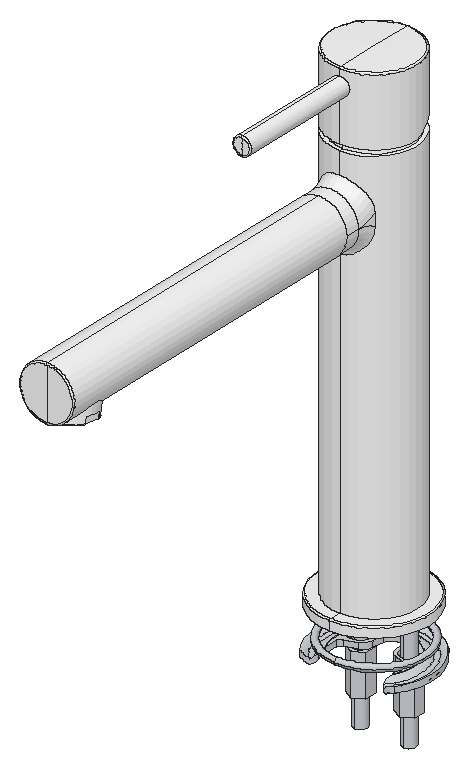
Revit family "Reece_Tap_Mizu_Drift_Basin Mixer_Straight_Medium", category Plumbing Fixtures, host Face, Revit 2018
Family settings
  Host = Face
  Round Connector Dimension = Use Diameter
  Part Type = Normal
  Cut with Voids When Loaded = No
  Shared = Yes
  Room Calculation Point = Yes
Parameters (values of type "168 mm_Chrome")
  WFU = 0  # constant formula
  URL = "https://www.reece.com.au/product/-2267196"
  Type Comments = "Tap"
  Reece_Tap_Reach = 168.0 mm  # constant formula
  Reece_Tap_Inlet = 12.0 mm  # constant formula
  Reece_Tap_Clearance = 149.0 mm  # constant formula
  Reece_Product_Web Page = "https://www.reece.com.au/product/-2267196"
  Reece_Product_Type = "Tap"  # constant formula
  Reece_Product_Sub Brand = "Drift"  # constant formula
  Reece_Product_Number = "2267196"
  Reece_Product_Mount = "Hob Mounted"  # constant formula
  Reece_Product_Description = "Mizu Drift Medium Height Basin Mixer Tap Straight Spout Chrome (6 Star)"
  Reece_Product_Brand = "Mizu"  # constant formula
  Reece_Overall_Length = 205.5 mm  # constant formula
  Reece_Overall_Height = 221.0 mm  # constant formula
  Reece_Nozzle_Pipe Radius = 12.0 mm  # constant formula
  Reece_Material_Main = Reece_Brass_Chrome
  Reece_Detail_Shape = "Straight"  # constant formula
  Reece_Detail_Installation = ""
  Reece_Detail_Disclaimer = "THIS FILE IS THE PROPERTY OF THE REECE GROUP. IT MAY NOT BE REPRODUCED, REVERSE-ENGINEERED, OR MODIFIED. ANY REPUBLICATION, TRANSMISSION, OR DISTRIBUTION FOR THE PURPOSE OF COMMERCIALLY EXPLOITING THE FILES IS PROHIBITED."  # constant formula
  Reece_Detail_Connector = ""
  Reece_Detail_Additional = "Medium Height"  # constant formula
  Model = "Drift"
  Manufacturer = "Mizu"
  Keynote = "Product #2267196, Reece_Tap_Mizu_Drift_Basin Mixer_Straight_Medium - 168 mm_Chrome"
  HWFU = 0  # constant formula
  Disclaimer = "THIS FILE IS THE PROPERTY OF THE REECE GROUP. IT MAY NOT BE REPRODUCED, REVERSE-ENGINEERED, OR MODIFIED. ANY REPUBLICATION, TRANSMISSION, OR DISTRIBUTION FOR THE PURPOSE OF COMMERCIALLY EXPLOITING THE FILES IS PROHIBITED."  # constant formula
  Description = "Mizu Drift Medium Height Basin Mixer Tap Straight Spout Chrome (6 Star)"
  Default Elevation = 1000.0 mm
  CWFU = 0  # constant formula
Types (5, lengths in mm): name | URL | Reece_Product_Web Page | Reece_Product_Number | Reece_Product_Description | Reece_Material_Main | Keynote | Description
  168 mm_Brushed Nickel | "https://www.reece.com.au/product/-2267238" | "https://www.reece.com.au/product/-2267238" | "2267238" | "Mizu Drift Medium Height Basin Mixer Tap Straight Spout Brushed Nickel (6 Star)" | Reece_Brass_Brushed Nickel | "Product #2267238, Reece_Tap_Mizu_Drift_Basin Mixer_Straight_Medium - 168 mm_Brushed Nickel" | "Mizu Drift Medium Height Basin Mixer Tap Straight Spout Brushed Nickel (6 Star)"
  168 mm_Chrome | "https://www.reece.com.au/product/-2267196" | "https://www.reece.com.au/product/-2267196" | "2267196" | "Mizu Drift Medium Height Basin Mixer Tap Straight Spout Chrome (6 Star)" | Reece_Brass_Chrome | "Product #2267196, Reece_Tap_Mizu_Drift_Basin Mixer_Straight_Medium - 168 mm_Chrome" | "Mizu Drift Medium Height Basin Mixer Tap Straight Spout Chrome (6 Star)"
  168 mm_Matte Black | "https://www.reece.com.au/product/-2267218" | "https://www.reece.com.au/product/-2267218" | "2267218" | "Mizu Drift Medium Height Basin Mixer Tap Straight Spout Matte Black (6 Star)" | Reece_Brass_Matte Black | "Product #2267218, Reece_Tap_Mizu_Drift_Basin Mixer_Straight_Medium - 168 mm_Matte Black" | "Mizu Drift Medium Height Basin Mixer Tap Straight Spout Matte Black (6 Star)"
  168 mm_Brushed Gunmetal | "https://www.reece.com.au/product/-2267258" | "https://www.reece.com.au/product/-2267258" | "2267258" | "Mizu Drift Medium Height Basin Mixer Tap Straight Spout Brushed Gunmetal (6 Star)" | Reece_Brass_Brushed Gunmetal | "Product #2267258, Reece_Tap_Mizu_Drift_Basin Mixer_Straight_Medium - 168 mm_Brushed Gunmetal" | "Mizu Drift Medium Height Basin Mixer Tap Straight Spout Brushed Gunmetal (6 Star)"
  168 mm_Brushed Brass | "https://www.reece.com.au/product/-2267278" | "https://www.reece.com.au/product/-2267278" | "2267278" | "Mizu Drift Medium Height Basin Mixer Tap Straight Spout Brushed Brass (6 Star)" | Reece_Brass_Brushed | "Product #2267278, Reece_Tap_Mizu_Drift_Basin Mixer_Straight_Medium - 168 mm_Brushed Brass" | "Mizu Drift Medium Height Basin Mixer Tap Straight Spout Brushed Brass (6 Star)"
Reference planes
  plane 1 "Center (Front/Back)": y = 0
  plane 2: z = 0
  plane 3 "Center (Left/Right)": x = 0
  plane 4 "Top": z = 221
  plane 5: z = 163
  plane 6: y = 24.5
  plane 7: y = -181
  plane 8: y = -168
  plane 9: z = 149
  plane 10: through (0, -164.887, 171.023) normal (0, -0.9903, 0.1392)
Forms (mm)
  Revolve 1, solid, material "Reece_Brass_Chrome" <- "Reece_Material_Main"
    sketch origin (0, 0, 0) x (0, 1, 0) y (0, 0, 1)
      loop
        line (-19, 187.8) -> (-19, 4.5) -> (-17.5, 4.5) -> (-17.5, 7) -> (0, 7) -> (0, 193.8) -> (-13.55, 193.8) -> (-13.55, 197.484)
        arc (-13.55, 197.484) -> (-15.908, 192.868) -> (-17, 187.8) r 20
        line (-17, 187.8) -> (-19, 187.8)
      axis (0, 197.484) -> (0, 4.5)
    angle from 0 to 360
  Revolve 2, solid, material "Reece_Brass_Chrome" <- "Reece_Material_Main"
    sketch origin (0, 0, 0) x (0, 1, 0) y (0, 0, 1)
      loop
        line (-17.5, 4.5) -> (-24, 4.5)
        arc (-24, 4.5) -> (-24.354, 4.354) -> (-24.5, 4) r 0.5
        line (-24.5, 4) -> (-24.5, 0) -> (-22, 0) -> (-22, -1) -> (-18, -1) -> (-18, 2) -> (-16.5, 2) -> (-16.5, 5.5) -> (-17.5, 5.5) -> (-17.5, 4.5)
      axis (0, 5.5) -> (0, -1)
    angle from 0 to 360
  Revolve 3, solid, material "Reece_Brass_Chrome" <- "Reece_Material_Main"
    sketch origin (0, 0, 37) x (0, 1, 0) y (0, 0, 1)
      loop
        line (-19, 153.3) -> (-17.94, 153.3) -> (-17.5, 159.59) -> (-17.5, 163.3) -> (0, 163.3) -> (0, 184)
        arc (0, 184) -> (-9.214, 183.908) -> (-18.424, 183.634) r 466.11
        arc (-18.424, 183.634) -> (-18.833, 183.45) -> (-19, 183.034) r 0.6
        line (-19, 183.034) -> (-19, 153.3)
      axis (0, 184) -> (0, 153.3)
    angle from 0 to 360
  Extrusion 4, void
    sketch origin (0, 42.299, 209.056) x (0, 0.91357, 0.406681) y (1, 0, 0)
      loop
        line (-8.083, 24.5) -> (-58.083, 24.5) -> (-58.083, -24.5) -> (-8.083, -24.5) -> (-8.083, 24.5)
    from 0 to 19
  Revolve 5, void
    sketch origin (0, 0, 34.656) x (0, 1, 0) y (0, 0, 1)
      loop
        line (17.434, 174.743) -> (17.434, 170.75) -> (20.568, 170.75) -> (20.568, 174.743) -> (17.434, 174.743)
      axis (20.568, 170.75) -> (17.434, 170.75)
    angle from 0 to 360
  Revolve 6, solid, material "Reece_Brass_Chrome" <- "Reece_Material_Main"
    sketch origin (0, 0, 34.656) x (0, 1, 0) y (0, 0, 1)
      loop
        arc (19.852, 170.75) -> (19.653, 172.536) -> (19.065, 174.234) r 8.104
        arc (19.065, 174.234) -> (18.801, 174.532) -> (18.419, 174.642) r 0.716
        line (18.419, 174.642) -> (14.872, 174.642) -> (14.872, 170.75) -> (19.852, 170.75)
      axis (14.872, 170.75) -> (19.852, 170.75)
    angle from 0 to 360
  Revolve 7, solid, material "Reece_Brass_Chrome" <- "Reece_Material_Main"
    sketch origin (0, 0, 36) x (0, 1, 0) y (0, 0, 1)
      loop
        line (-73.215, 177.258) -> (-11.215, 177.258) -> (-11.215, 180.458) -> (-12.015, 181.258) -> (-72.715, 181.258)
        arc (-72.715, 181.258) -> (-73.069, 181.112) -> (-73.215, 180.758) r 0.5
        line (-73.215, 180.758) -> (-73.215, 177.258)
      axis (-11.215, 177.258) -> (-73.215, 177.258)
    angle from 0 to 360
  Revolve 8, solid
    sketch origin (0, 0, 0) x (0, 1, 0) y (0, 0, 1)
      loop
        circle (22.2, -14) r 1.3
      axis (1, -14) -> (1, -13)
    angle from 0 to 360
  Extrusion 9, void
    sketch origin (0, 2, 7) x (1, 0, 0) y (0, 1, 0)
      loop
        circle (-7, -9.5) r 6.7
      loop
        circle (-10.749, 4.019) r 3.519
      loop
        circle (10.75, 4) r 3.5
      loop
        circle (7, -9.5) r 6.7
    from 0 to 4
  Extrusion 10, solid
    sketch origin (0, 2, 7) x (0, 1, 0) y (1, 0, 0)
      loop
        circle (4, 10.75) r 3
      loop
        circle (4, -10.75) r 3
    from 0 to 61.5
  Revolve 11, solid
    sketch origin (0, 0, 0) x (0, 1, 0) y (0, 0, 1)
      loop
        arc (18.75, -21.5) -> (21.75, -23) -> (24.75, -21.5) r 3.75
        line (24.75, -21.5) -> (25.75, -21.5) -> (25.75, -19)
        arc (25.75, -19) -> (24.212, -19.499) -> (22.941, -20.498) r 4.61
        arc (22.941, -20.498) -> (21.841, -21) -> (20.728, -20.527) r 1.5
        arc (20.728, -20.527) -> (19.122, -19.398) -> (17.2, -19) r 4.84
        line (17.2, -19) -> (17.2, -21.5) -> (18.75, -21.5)
      axis (0, -19) -> (0, -21.5)
    angle from 0 to 360
  Extrusion 12, solid
    sketch origin (0, 0, -23) x (1, 0, 0) y (0, 1, 0)
      loop
        arc (-9.053, 2.711) -> (-6.961, 7.197) -> (-11.447, 9.289) r 3.5
        line (-11.447, 9.289) -> (-13.326, 8.605)
        arc (-13.326, 8.605) -> (-15.418, 4.119) -> (-10.932, 2.027) r 3.5
        line (-10.932, 2.027) -> (-9.053, 2.711)
      loop
        arc (-5.01, 5.791) -> (-6.06, 3.288) -> (-8.263, 1.702) r 5
        line (-8.263, 1.702) -> (-13.684, -0.271)
        arc (-13.684, -0.271) -> (-14.638, -1.003) -> (-15, -2.15) r 2
        line (-15, -2.15) -> (-15, -8.417)
        arc (-15, -8.417) -> (0, 17.2) -> (15, -8.417) r 17.2
        line (15, -8.417) -> (15, -2.15)
        arc (15, -2.15) -> (14.638, -1.003) -> (13.684, -0.271) r 2
        line (13.684, -0.271) -> (8.263, 1.702)
        arc (8.263, 1.702) -> (6.06, 3.288) -> (5.01, 5.791) r 5
        line (5.01, 5.791) -> (4.466, 10.221)
        arc (4.466, 10.221) -> (0, 14.173) -> (-4.466, 10.221) r 4.5
        line (-4.466, 10.221) -> (-5.01, 5.791)
      loop
        arc (11.447, 9.289) -> (6.961, 7.197) -> (9.053, 2.711) r 3.5
        line (9.053, 2.711) -> (10.932, 2.027)
        arc (10.932, 2.027) -> (15.418, 4.119) -> (13.326, 8.605) r 3.5
        line (13.326, 8.605) -> (11.447, 9.289)
    from 1.5 to 4
  Extrusion 13, void
    sketch origin (0, 0, -23) x (1, 0, 0) y (0, 1, 0)
      loop
        line (27.556, -34.599) -> (27.556, -14.961) -> (20.958, -14.961)
        arc (20.958, -14.961) -> (17.049, -15.272) -> (15, -11.93) r 3.75
        line (15, -11.93) -> (15, -8.417) -> (-15, -8.417) -> (-15, -11.93)
        arc (-15, -11.93) -> (-17.049, -15.272) -> (-20.958, -14.961) r 3.75
        line (-20.958, -14.961) -> (-27.556, -14.961) -> (-27.556, -34.599) -> (27.556, -34.599)
    from 0 to 5
  Extrusion 14, solid
    sketch origin (0, 0, 0) x (1, 0, 0) y (0, 1, 0)
      loop
        circle (10.75, 6) r 3
      loop
        line (10.75, 11.196) -> (6.25, 8.598) -> (6.25, 3.402) -> (10.75, 0.804) -> (15.25, 3.402) -> (15.25, 8.598) -> (10.75, 11.196)
      loop
        circle (-10.75, 6) r 3
      loop
        line (-10.75, 11.196) -> (-15.25, 8.598) -> (-15.25, 3.402) -> (-10.75, 0.804) -> (-6.25, 3.402) -> (-6.25, 8.598) -> (-10.75, 11.196)
    from -41.5 to -23
  Extrusion 15, void
    sketch origin (0, 0, 0) x (1, 0, 0) y (0, 1, 0)
      loop
        circle (0, 0) r 22
    from 0 to -35
  Sweep 16, solid, material "Reece_Brass_Chrome" <- "Reece_Material_Main"
    path origin (0, -0.313, 37.129) x (0, 1, 0) y (0, 0, 1)
      loop
        line (-29.929, 137.5) -> (-23.438, 137.5)
        arc (-23.438, 137.5) -> (-19.902, 138.964) -> (-18.438, 142.5) r 5
        line (-18.438, 142.5) -> (-18.438, 147.5)
    profile origin (0, -26.996, 174.629) x (0, 0, 1) y (1, 0, 0)
      loop
        arc (-12, -12) -> (0, 0) -> (-12, 12) r 12
        line (-12, 12) -> (-12, -12)
  Sweep 17, solid, material "Reece_Brass_Chrome" <- "Reece_Material_Main"
    path origin (0, -0.312, 288.129) x (0, 1, 0) y (0, 0, -1)
      loop
        line (-29.929, 137.5) -> (-23.438, 137.5)
        arc (-23.438, 137.5) -> (-19.902, 138.964) -> (-18.438, 142.5) r 5
        line (-18.438, 142.5) -> (-18.438, 147.5)
    profile origin (0, -26.996, 150.629) x (0, 0, 1) y (1, 0, 0)
      loop
        line (12, -12) -> (12, 12)
        arc (12, 12) -> (0, 0) -> (12, -12) r 12
  Revolve 18, solid, material "Reece_Brass_Chrome" <- "Reece_Material_Main"
    sketch origin (0, -47.035, 37.629) x (0, 1, 0) y (0, 0, 1)
      loop
        line (16.793, 137) -> (-133.465, 137)
        arc (-133.465, 137) -> (-133.819, 136.854) -> (-133.965, 136.5) r 0.5
        line (-133.965, 136.5) -> (-133.965, 125) -> (16.793, 125) -> (16.793, 137)
      axis (16.793, 125) -> (-133.965, 125)
    angle from 0 to 360
  Revolve 19, solid, material "Reece_Brass_Chrome" <- "Reece_Material_Main"
    sketch origin (0, -47.035, 35.629) x (0, 1, 0) y (0, 0, 1)
      loop
        arc (-131.276, 115.327) -> (-131.18, 114.957) -> (-130.851, 114.763) r 0.5
        line (-130.851, 114.763) -> (-120.948, 113.371) -> (-118.324, 132.044) -> (-128.721, 133.505) -> (-131.276, 115.327)
      axis (-120.948, 113.371) -> (-118.324, 132.044)
    angle from 0 to 360
  Revolve 20, void
    sketch origin (0, -47.035, 35.629) x (0, 1, 0) y (0, 0, 1)
      loop
        line (-127.92, 115.098) -> (-128.961, 115.245) -> (-129.194, 113.586) -> (-128.153, 113.44) -> (-127.92, 115.098)
      axis (-121.078, 112.446) -> (-120.845, 114.104)
    angle from 0 to 360
  Extrusion 21, void
    sketch origin (0, -47.035, 35.629) x (0, 1, 0) y (0, 0, 1)
      loop
        line (-116.403, 116.238) -> (-124.512, 117.474) -> (-125.375, 111.811) -> (-117.134, 110.554) -> (-116.403, 116.238)
    from -11.747 to -9
  Extrusion 22, void
    sketch origin (0, -47.035, 35.629) x (0, 1, 0) y (0, 0, -1)
      loop
        line (-116.403, -116.238) -> (-117.134, -110.554) -> (-125.375, -111.811) -> (-124.512, -117.474) -> (-116.403, -116.238)
    from -11.747 to -9
  Extrusion 23, solid, material "Reece_Brass_Chrome" <- "Reece_Material_Main"
    sketch origin (0, 0, -80.371) x (0, 1, 0) y (0, 0, 1)
      loop
        arc (-23.75, 243) -> (-11.729, 238.021) -> (-6.75, 226) r 17
        line (-6.75, 226) -> (-6.75, 260)
        arc (-6.75, 260) -> (-11.729, 247.979) -> (-23.75, 243) r 17
    from -12 to 12
Cuts and joins
  Extrusion 9 cuts Extrusion 10
  joined: Extrusion 10, Extrusion 14
  Extrusion 13 cuts Revolve 11
  Extrusion 9 cuts Revolve 1
  Extrusion 9 cuts Revolve 2
  Extrusion 4, Revolve 5 cuts Revolve 3
  Revolve 20 cuts Revolve 18
  Revolve 20, Extrusion 21, Extrusion 22 cuts Revolve 19
  joined: Revolve 1, Revolve 2, Revolve 3, Revolve 7, Sweep 16, Sweep 17, Revolve 18, Revolve 19, Extrusion 23
Lines and regions (mm)
  reference lines
    curve 1: line (0, 42.299, 209.056) -> (0, 0.166, 190.3)
Text (mm)
  text "Reece Copyright © 2018, Reece Ltd." at (-1403.988, -1192.393, 0), in view "Ref. Level"
  text "Reece ©" at (-42.747, 148.047, 168.573), in view "Reece Preview"
Dimensions and locks
  locked: Revolve 1 sketch curve to Revolve 1 sketch curve at 6
  locked: Revolve 1 sketch curve to Revolve 1 sketch curve at 2.5
  Revolve 1 sketch curve to Revolve 1 sketch curve = 19.0 mm
  Revolve 2 sketch curve to Revolve 2 sketch curve = 24.5 mm
  locked: Revolve 2 sketch curve to Revolve 2 sketch curve at 2.5
  locked: Revolve 2 sketch curve to Revolve 2 sketch curve at 3.5
  locked: Revolve 2 sketch curve to Revolve 2 sketch curve at 1
  Revolve 2 sketch curve to Revolve 2 sketch curve = 17.5 mm
  locked: Revolve 2 sketch curve to Revolve 2 sketch curve at 1.5
  Extrusion 4 sketch curve to curve 1 to Extrusion 4 sketch curve = 24.5 mm, 24.5 mm
  "Reece_Overall_Height": plane 4 "Top" to level
  Revolve 7 sketch curve to Revolve 7 sketch curve = 4.0 mm
  plane 5 to level = 163.0 mm
  plane 5 to host face = 163.0 mm
  "Reece_Tap_Clearance": plane 9 to level
  "Reece_Overall_Length": plane 6 to plane 7
  "Reece_Tap_Reach": plane 1 "Center (Front/Back)" to plane 8
  aligned and locked: plane 2 to host face
  aligned and locked: level to host face
  aligned and locked: Revolve 3 sketch curve to Revolve 3 sketch curve
Automatic sketch dimensions
  host sketch curve to host sketch curve = 380.785 mm
  host sketch curve to host sketch curve = 317.421 mm
  curve 1 to plane 1 "Center (Front/Back)" = 0.166 mm
  curve 1 to plane 4 "Top" = 11.944 mm
  curve 1 to plane 1 "Center (Front/Back)" = 42.299 mm
  curve 1 to plane 4 "Top" = 30.7 mm
  Revolve 5 sketch curve to plane 1 "Center (Front/Back)" = 17.434 mm
  Revolve 5 sketch curve to Revolve 5 sketch curve = 3.134 mm
  Revolve 5 sketch curve to plane 4 "Top" = 15.594 mm
  Revolve 5 sketch curve to Revolve 5 sketch curve = 3.993 mm
  Revolve 5 sketch curve to Revolve 5 sketch curve = 2.864 mm
  Revolve 5 sketch curve to Revolve 5 sketch curve = 4.002 mm
  Revolve 5 sketch curve to Revolve 5 sketch curve = 0.0 mm
  Revolve 6 sketch curve to plane 1 "Center (Front/Back)" = 11.748 mm
  Revolve 6 sketch curve to Revolve 6 sketch curve = 3.124 mm
  Revolve 6 sketch curve to Revolve 6 sketch curve = 3.547 mm
  Revolve 6 sketch curve to Revolve 6 sketch curve = 4.98 mm
  Revolve 6 sketch curve to plane 4 "Top" = 15.594 mm
  Revolve 6 sketch curve to Revolve 6 sketch curve = 3.177 mm
  Revolve 6 sketch curve to Revolve 6 sketch curve = 0.716 mm
  Revolve 6 sketch curve to Revolve 6 sketch curve = 1.775 mm
  Revolve 6 sketch curve to Revolve 6 sketch curve = 5.654 mm
  Revolve 6 sketch curve to Revolve 6 sketch curve = 0.0 mm
  Revolve 8 sketch curve to plane 1 "Center (Front/Back)" = 22.2 mm
  Revolve 8 sketch curve to level = 14.0 mm  (x2)
  Revolve 8 sketch curve to plane 1 "Center (Front/Back)" = 1.0 mm
  Revolve 8 sketch curve to Revolve 8 sketch curve = 4.102 mm
  Revolve 1 to Extrusion 9 sketch curve = 10.749 mm
  Revolve 1 to Extrusion 9 sketch curve = 7.0 mm
  Extrusion 9 sketch curve to Revolve 1 = 7.0 mm
  Extrusion 9 sketch curve to Revolve 1 = 10.75 mm
  Extrusion 9 sketch curve to Extrusion 9 sketch curve = 0.0 mm
  Extrusion 9 sketch curve to Extrusion 9 sketch curve = 13.5 mm
  Extrusion 9 sketch curve to Extrusion 9 sketch curve = 13.519 mm
  Revolve 1 to Extrusion 10 sketch curve = 10.75 mm
  Extrusion 10 sketch curve to Extrusion 10 sketch curve = 0.0 mm
  Extrusion 10 sketch curve to Revolve 1 = 10.75 mm
  Revolve 11 sketch curve to plane 1 "Center (Front/Back)" = 0.0 mm
  Revolve 11 sketch curve to plane 1 "Center (Front/Back)" = 17.2 mm
  Revolve 11 sketch curve to Revolve 11 sketch curve = 1.55 mm
  Revolve 11 sketch curve to Revolve 11 sketch curve = 3.0 mm
  Revolve 11 sketch curve to Revolve 11 sketch curve = 0.072 mm
  Revolve 11 sketch curve to Revolve 11 sketch curve = 2.928 mm
  Revolve 11 sketch curve to Revolve 11 sketch curve = 1.0 mm
  Revolve 11 sketch curve to Revolve 11 sketch curve = 0.632 mm
  Revolve 11 sketch curve to level = 23.84 mm
  Revolve 11 sketch curve to Revolve 11 sketch curve = 0.274 mm
  Revolve 11 sketch curve to Revolve 11 sketch curve = 2.34 mm
  Revolve 11 sketch curve to Revolve 11 sketch curve = 2.0 mm
  Revolve 11 sketch curve to Revolve 11 sketch curve = 0.25 mm
  Revolve 11 sketch curve to Revolve 11 sketch curve = 2.5 mm  (x2)
  Revolve 11 sketch curve to Revolve 11 sketch curve = 0.0 mm
  Revolve 11 sketch curve to Revolve 11 sketch curve = 316.97 mm
  plane 4 "Top" to Revolve 11 sketch curve = 659.832 mm
  plane 1 "Center (Front/Back)" to Extrusion 12 sketch curve = 0.0 mm
  Extrusion 12 sketch curve to plane 3 "Center (Left/Right)" = 0.0 mm  (x2)
  Extrusion 12 sketch curve to plane 3 "Center (Left/Right)" = 4.466 mm
  Extrusion 12 sketch curve to Extrusion 12 sketch curve = 0.544 mm  (x2)
  Extrusion 12 sketch curve to plane 1 "Center (Front/Back)" = 1.702 mm  (x2)
  Extrusion 12 sketch curve to Extrusion 12 sketch curve = 3.253 mm  (x2)
  Extrusion 12 sketch curve to plane 1 "Center (Front/Back)" = 2.711 mm
  Extrusion 12 sketch curve to Extrusion 12 sketch curve = 0.79 mm  (x2)
  Extrusion 12 sketch curve to Extrusion 12 sketch curve = 0.92 mm  (x2)
  Extrusion 12 sketch curve to Extrusion 12 sketch curve = 0.277 mm  (x2)
  Extrusion 12 sketch curve to plane 1 "Center (Front/Back)" = 2.027 mm  (x2)
  Extrusion 12 sketch curve to Extrusion 12 sketch curve = 1.879 mm  (x6)
  Extrusion 12 sketch curve to Extrusion 12 sketch curve = 1.474 mm  (x2)
  Extrusion 12 sketch curve to Extrusion 12 sketch curve = 2.068 mm  (x2)
  Extrusion 12 sketch curve to plane 1 "Center (Front/Back)" = 8.605 mm
  plane 1 "Center (Front/Back)" to Extrusion 12 sketch curve = 0.271 mm  (x2)
  Extrusion 12 sketch curve to Extrusion 12 sketch curve = 0.684 mm  (x2)
  Extrusion 12 sketch curve to Extrusion 12 sketch curve = 2.0 mm
  plane 3 "Center (Left/Right)" to Extrusion 12 sketch curve = 4.466 mm
  plane 1 "Center (Front/Back)" to Extrusion 12 sketch curve = 2.15 mm
  Extrusion 12 sketch curve to Extrusion 12 sketch curve = 6.266 mm
  Extrusion 12 sketch curve to Extrusion 12 sketch curve = 1.009 mm
  Extrusion 12 sketch curve to Extrusion 12 sketch curve = 3.289 mm
  Extrusion 12 sketch curve to Extrusion 12 sketch curve = 3.08 mm  (x2)
  Extrusion 12 sketch curve to Extrusion 12 sketch curve = 0.401 mm  (x2)
  Extrusion 12 sketch curve to Extrusion 12 sketch curve = 3.882 mm
  Extrusion 12 sketch curve to Extrusion 12 sketch curve = 4.43 mm
  Extrusion 13 sketch curve to plane 3 "Center (Left/Right)" = 27.556 mm
  Extrusion 13 sketch curve to Extrusion 13 sketch curve = 6.599 mm  (x2)
  Extrusion 13 sketch curve to Extrusion 13 sketch curve = 2.208 mm  (x2)
  Extrusion 13 sketch curve to Extrusion 13 sketch curve = 3.75 mm  (x2)
  plane 3 "Center (Left/Right)" to Extrusion 13 sketch curve = 15.0 mm
  plane 1 "Center (Front/Back)" to Extrusion 13 sketch curve = 34.599 mm
  plane 1 "Center (Front/Back)" to Extrusion 13 sketch curve = 14.961 mm  (x2)
  Extrusion 13 sketch curve to Extrusion 13 sketch curve = 3.514 mm
  Extrusion 14 sketch curve to plane 3 "Center (Left/Right)" = 15.25 mm
  Extrusion 14 sketch curve to plane 1 "Center (Front/Back)" = 0.804 mm  (x2)
  Extrusion 14 sketch curve to Extrusion 14 sketch curve = 4.5 mm  (x6)
  Extrusion 14 sketch curve to Extrusion 14 sketch curve = 0.0 mm  (x2)
  plane 3 "Center (Left/Right)" to Extrusion 14 sketch curve = 6.25 mm
  Extrusion 14 sketch curve to plane 1 "Center (Front/Back)" = 3.402 mm  (x4)
  Extrusion 14 sketch curve to Extrusion 14 sketch curve = 5.196 mm  (x7)
  Extrusion 14 sketch curve to Extrusion 14 sketch curve = 2.598 mm
  Extrusion 15 sketch curve to Extrusion 15 sketch curve = 0.0 mm  (x2)
  Extrusion 15 sketch curve to plane 3 "Center (Left/Right)" = 0.0 mm
  plane 1 "Center (Front/Back)" to Extrusion 15 sketch curve = 0.0 mm
  plane 1 "Center (Front/Back)" to Extrusion 15 sketch curve = 22.0 mm
  Revolve 7 sketch curve to plane 4 "Top" = 7.742 mm
  Revolve 7 sketch curve to Revolve 7 sketch curve = 0.5 mm
  Revolve 7 sketch curve to Revolve 7 sketch curve = 0.8 mm
  Revolve 7 sketch curve to Revolve 7 sketch curve = 3.2 mm
  Revolve 7 sketch curve to Revolve 7 sketch curve = 1.412 mm
  Revolve 7 sketch curve to plane 1 "Center (Front/Back)" = 0.187 mm
  Revolve 7 sketch curve to Revolve 7 sketch curve = 0.0 mm
  plane 1 "Center (Front/Back)" to Revolve 7 sketch curve = 11.215 mm
  Revolve 7 sketch curve to Revolve 7 sketch curve = 60.7 mm
  Revolve 1 sketch curve to plane 1 "Center (Front/Back)" = 0.0 mm  (x2)
  Revolve 1 sketch curve to Revolve 1 sketch curve = 1.5 mm
  Revolve 1 sketch curve to Revolve 1 sketch curve = 2.0 mm
  Revolve 1 sketch curve to Revolve 1 sketch curve = 3.45 mm
  Revolve 1 sketch curve to plane 1 "Center (Front/Back)" = 2.932 mm
  level to Revolve 1 sketch curve = 4.5 mm
  plane 5 to Revolve 1 sketch curve = 23.156 mm
  Revolve 1 sketch curve to Revolve 1 sketch curve = 1.644 mm
  Revolve 1 sketch curve to level = 340.81 mm
  plane 4 "Top" to Revolve 1 sketch curve = 2227.37 mm
  Revolve 2 sketch curve to level = 0.0 mm
  Revolve 2 sketch curve to plane 1 "Center (Front/Back)" = 0.0 mm
  Revolve 2 sketch curve to Revolve 2 sketch curve = 0.5 mm
  Revolve 2 sketch curve to level = 1.0 mm
  level to Revolve 2 sketch curve = 2.0 mm
  Revolve 2 sketch curve to Revolve 2 sketch curve = 4.0 mm
  Revolve 2 sketch curve to Revolve 2 sketch curve = 339.81 mm
  plane 4 "Top" to Revolve 2 sketch curve = 2227.37 mm
  Extrusion 4 sketch curve to curve 1 = 11.965 mm
  Extrusion 4 sketch curve to curve 1 = 8.083 mm
  Revolve 3 sketch curve to plane 1 "Center (Front/Back)" = 0.0 mm
  Revolve 3 sketch curve to plane 4 "Top" = 0.0 mm
  plane 1 "Center (Front/Back)" to Revolve 3 sketch curve = 17.5 mm
  Revolve 3 sketch curve to Revolve 3 sketch curve = 0.44 mm
  Revolve 3 sketch curve to plane 4 "Top" = 0.966 mm
  Revolve 3 sketch curve to Revolve 3 sketch curve = 0.6 mm
  Revolve 3 sketch curve to plane 1 "Center (Front/Back)" = 0.055 mm
  Revolve 3 sketch curve to Revolve 3 sketch curve = 19.734 mm
  Revolve 3 sketch curve to Revolve 3 sketch curve = 3.71 mm
  Revolve 3 sketch curve to Revolve 3 sketch curve = 6.29 mm
  Revolve 3 sketch curve to plane 4 "Top" = 0.366 mm
  Revolve 3 sketch curve to Revolve 3 sketch curve = 0.0 mm
  Revolve 3 sketch curve to Revolve 3 sketch curve = 58.7 mm
  plane 4 "Top" to Revolve 3 sketch curve = 2177.364 mm
  plane 1 "Center (Front/Back)" to Sweep 16 sketch curve = 23.75 mm
  Sweep 16 sketch curve to Sweep 16 sketch curve = 5.0 mm  (x2)
  Sweep 16 sketch curve to plane 4 "Top" = 46.371 mm
  Sweep 16 sketch curve to Sweep 16 sketch curve = 6.491 mm
  Sweep 16 sketch curve to profile plane = 0.0 mm
  profile plane to Sweep 16 sketch curve = 12.0 mm
  Sweep 16 sketch curve to profile plane = 12.0 mm
  plane 4 "Top" to Sweep 17 sketch curve = 80.371 mm
  plane 4 "Top" to Sweep 17 sketch curve = 75.371 mm
  Sweep 17 sketch curve to plane 1 "Center (Front/Back)" = 23.75 mm
  Sweep 17 sketch curve to Sweep 17 sketch curve = 5.0 mm
  Sweep 17 sketch curve to Sweep 17 sketch curve = 6.491 mm
  Sweep 17 sketch curve to profile plane = 0.0 mm
  Sweep 17 sketch curve to profile plane = 12.0 mm
  Sweep 17 sketch curve to Sweep 17 sketch curve = 12.0 mm
  Revolve 18 sketch curve to plane 7 = 0.0 mm
  plane 7 to Revolve 18 sketch curve = 0.5 mm
  plane 1 "Center (Front/Back)" to Revolve 18 sketch curve = 30.241 mm
  Revolve 18 sketch curve to plane 4 "Top" = 58.371 mm  (x2)
  Revolve 18 sketch curve to Revolve 18 sketch curve = 11.5 mm
  Revolve 18 sketch curve to plane 7 = 43.217 mm
  Revolve 18 sketch curve to Revolve 18 sketch curve = 46.722 mm
  plane 7 to Revolve 19 sketch curve = 2.689 mm
  Revolve 19 sketch curve to Revolve 19 sketch curve = 0.426 mm
  Revolve 19 sketch curve to Revolve 19 sketch curve = 0.07 mm
  plane 7 to Revolve 19 sketch curve = 5.244 mm
  Revolve 19 sketch curve to plane 8 = 0.017 mm
  Revolve 19 sketch curve to plane 8 = 2.642 mm
  Revolve 19 sketch curve to plane 4 "Top" = 72.0 mm
  Revolve 19 sketch curve to Revolve 19 sketch curve = 1.392 mm
  plane 8 to Revolve 19 sketch curve = 1.846 mm
  Revolve 19 sketch curve to plane 8 = 0.671 mm
  Revolve 19 sketch curve to plane 4 "Top" = 85.262 mm
  Revolve 19 sketch curve to Revolve 19 sketch curve = 4.65 mm
  plane 7 to Revolve 20 sketch curve = 4.771 mm
  Revolve 20 sketch curve to Revolve 20 sketch curve = 0.233 mm
  Revolve 20 sketch curve to Revolve 20 sketch curve = 1.041 mm
  Revolve 20 sketch curve to plane 4 "Top" = 71.931 mm
  Revolve 20 sketch curve to Revolve 20 sketch curve = 0.146 mm
  plane 8 to Revolve 20 sketch curve = 0.269 mm
  Revolve 20 sketch curve to plane 8 = 0.338 mm
  Revolve 20 sketch curve to plane 4 "Top" = 74.041 mm
  Revolve 20 sketch curve to Revolve 20 sketch curve = 4.32 mm
  plane 8 to Extrusion 21 sketch curve = 4.41 mm
  plane 8 to Extrusion 21 sketch curve = 3.547 mm
  Extrusion 21 sketch curve to plane 8 = 3.831 mm
  Extrusion 21 sketch curve to plane 8 = 4.563 mm
  Extrusion 21 sketch curve to plane 4 "Top" = 74.817 mm
  Extrusion 21 sketch curve to plane 4 "Top" = 73.561 mm
  plane 8 to Extrusion 22 sketch curve = 4.41 mm
  plane 8 to Extrusion 22 sketch curve = 3.547 mm
  Extrusion 22 sketch curve to plane 8 = 3.831 mm
  Extrusion 22 sketch curve to plane 8 = 4.563 mm
  Extrusion 22 sketch curve to plane 4 "Top" = 67.897 mm
  Extrusion 22 sketch curve to Extrusion 22 sketch curve = 1.236 mm
  Extrusion 23 sketch curve to plane 4 "Top" = 75.371 mm
  plane 1 "Center (Front/Back)" to Extrusion 23 sketch curve = 23.75 mm
  Extrusion 23 sketch curve to Extrusion 23 sketch curve = 0.0 mm  (x2)
  plane 1 "Center (Front/Back)" to Extrusion 23 sketch curve = 6.75 mm
  Extrusion 23 sketch curve to Extrusion 23 sketch curve = 17.0 mm
  radius of Revolve 8 sketch curve = 1.3 mm
  radius of Extrusion 9 sketch curve = 6.7 mm  (x2)
  radius of Extrusion 9 sketch curve = 3.519 mm
  radius of Extrusion 9 sketch curve = 3.5 mm
  radius of Extrusion 10 sketch curve = 3.0 mm  (x2)
  radius of Extrusion 14 sketch curve = 3.0 mm  (x2)
Connectors
  piping at (-7, -7.5, 11), diameter 12, driven by "Reece_Tap_Inlet"
    settings: on cut or joined group 1 (Revolve 1, Revolve 2, Revolve 3, Extrusion 4, Revolve 5, Revolve 7, Extrusion 9, Sweep 16, Sweep 17, Revolve 18, Revolve 19, Revolve 20, Extrusion 21, Extrusion 22, Extrusion 23), index 1, connector inside diameter 609.6 mm, connector length 0.0 mm, flow factor 0, pipe flow 0.0 L/s, pressure drop 0.0 Pa, fitting loss kfactor 0, connector angle 0.00°, fixture units 0, engagement length 0.0 mm, angle of deflection 0.00°, flow configuration 0, flow direction 2, fitting loss method 0, system type 29, joint type 0, gender type 0, connector reference index -1, connector utility 0, adjustable connector no, is connector primary yes, connector description ""
  piping at (7, -7.5, 11), diameter 12, driven by "Reece_Tap_Inlet"
    settings: on cut or joined group 1, index 2, connector inside diameter 609.6 mm, connector length 0.0 mm, flow factor 0, pipe flow 0.0 L/s, pressure drop 0.0 Pa, fitting loss kfactor 0, connector angle 0.00°, fixture units 0, engagement length 0.0 mm, angle of deflection 0.00°, flow configuration 0, flow direction 2, fitting loss method 0, system type 29, joint type 0, gender type 0, connector reference index -1, connector utility 0, adjustable connector no, is connector primary no, connector description ""
